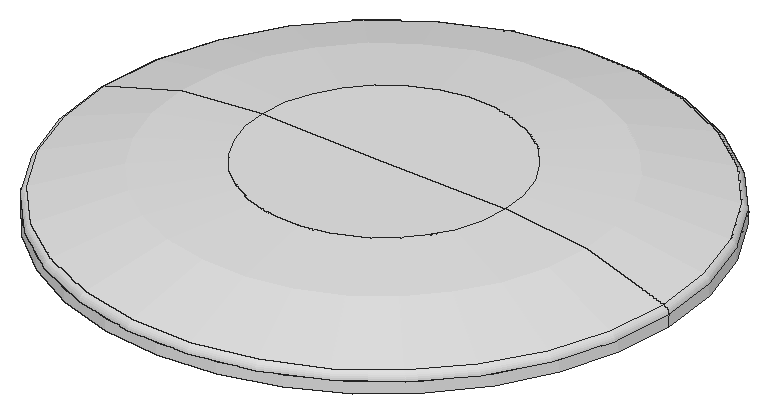
Revit family "Reece_Bath_Kado_Lussi_Freestanding Bath_Thin Edge_Cast Solid Surface", category Plumbing Fixtures, Revit 2018
Family settings
  Round Connector Dimension = Use Diameter
  Part Type = Normal
  Work Plane-Based = Yes
  Always vertical = Yes
  Cut with Voids When Loaded = Yes
  Shared = Yes
  Room Calculation Point = Yes
Parameters
  URL = "https://www.reece.com.au/product/-9509631"
  Type Comments = "Bath"
  Reece_Product_Web Page = "https://www.reece.com.au/product/-9509631"
  Reece_Product_Type = "Bath"  # constant formula
  Reece_Product_Sub Brand = "Lussi"  # constant formula
  Reece_Product_Number = "9509631"
  Reece_Product_Mount = "Floor Mounted"
  Reece_Product_Description = "Kado Lussi Cast Solid Surface Freestanding Thin Edge Bath with Plug & Waste 1500mm White"
  Reece_Product_Brand = "Kado"  # constant formula
  Reece_Overall_Width = 730 mm
  Reece_Overall_Length = 1500 mm
  Reece_Overall_Height = 595 mm  # constant formula
  Reece_Overall_Capacity = 285 L
  Reece_Material_Main = Reece_Cast_Solid_Surface_White
  Reece_Detail_Installation = "Freestanding Bath"  # constant formula
  Reece_Detail_Disclaimer = "THIS FILE IS THE PROPERTY OF THE REECE GROUP. IT MAY NOT BE REPRODUCED, REVERSE-ENGINEERED OR MODIFIED. ANY REPUBLICATION, TRANSMISSION OR DISTRIBUTION FOR THE PURPOSE OF COMMERCIALLY EXPLOITING THE FILES IS PROHIBITED."  # constant formula
  Reece_Detail_Connector = "Bottom Inlet"  # constant formula
  Reece_Detail_Additional = "Thin Edge"  # constant formula
  Reece_Bath_Type = Reece_Bath_Kado_Lussi_Freestanding Bath_Thin Edge_Cast Solid Surface_1500 mm_285 ltr_Nested : Thin Edge_1500 mm_285 ltr_White
  Reece_Bath_Outlet = 40 mm  # constant formula
  Model = "Lussi"
  Manufacturer = "Kado"
  Keynote = "Product #9509631, Reece_Bath_Kado_Lussi_Freestanding Bath_Thin Edge_Cast Solid Surface -  "
  Disclaimer = "THIS FILE IS THE PROPERTY OF THE REECE GROUP. IT MAY NOT BE REPRODUCED, REVERSE-ENGINEERED OR MODIFIED. ANY REPUBLICATION, TRANSMISSION OR DISTRIBUTION FOR THE PURPOSE OF COMMERCIALLY EXPLOITING THE FILES IS PROHIBITED."  # constant formula
  Description = "Kado Lussi Cast Solid Surface Freestanding Thin Edge Bath with Plug & Waste 1500mm White"
  Default Elevation = 0 mm
Types (3, lengths in mm): name | URL | Reece_Product_Web Page | Reece_Product_Number | Reece_Product_Description | Reece_Overall_Width | Reece_Overall_Length | Reece_Overall_Capacity | Reece_Bath_Type | Keynote | Description
  (no name) | "https://www.reece.com.au/product/-9509631" | "https://www.reece.com.au/product/-9509631" | "9509631" | "Kado Lussi Cast Solid Surface Freestanding Thin Edge Bath with Plug & Waste 1500mm White" | 730 | 1500 | 285 L | Reece_Bath_Kado_Lussi_Freestanding Bath_Thin Edge_Cast Solid Surface_1500 mm_285 ltr_Nested : Thin Edge_1500 mm_285 ltr_White | "Product #9509631, Reece_Bath_Kado_Lussi_Freestanding Bath_Thin Edge_Cast Solid Surface -  " | "Kado Lussi Cast Solid Surface Freestanding Thin Edge Bath with Plug & Waste 1500mm White"
  Thin Edge_1500 mm_285 ltr_White | "https://www.reece.com.au/product/-9509631" | "https://www.reece.com.au/product/-9509631" | "9509631" | "Kado Lussi Cast Solid Surface Freestanding Thin Edge Bath with Plug & Waste 1500mm White" | 730 | 1500 | 285 L | Reece_Bath_Kado_Lussi_Freestanding Bath_Thin Edge_Cast Solid Surface_1500 mm_285 ltr_Nested : Thin Edge_1500 mm_285 ltr_White | "Product #9509631, Reece_Bath_Kado_Lussi_Freestanding Bath_Thin Edge_Cast Solid Surface - Thin Edge_1500 mm_285 ltr_White" | "Kado Lussi Cast Solid Surface Freestanding Thin Edge Bath with Plug & Waste 1500mm White"
  Thin Edge_1700 mm_368 ltr_White | "https://www.reece.com.au/product/-9509632" | "https://www.reece.com.au/product/-9509632" | "9509632" | "Kado Lussi Cast Solid Surface Freestanding Thin Edge Bath with Plug & Waste 1700mm White" | 800 | 1700 | 368 L | Reece_Bath_Kado_Lussi_Freestanding Bath_Thin Edge_Cast Solid Surface_1700 mm_368 ltr_Nested : Thin Edge_1700 mm_368 ltr_White | "Product #9509632, Reece_Bath_Kado_Lussi_Freestanding Bath_Thin Edge_Cast Solid Surface - Thin Edge_1700 mm_368 ltr_White" | "Kado Lussi Cast Solid Surface Freestanding Thin Edge Bath with Plug & Waste 1700mm White"
Reference planes
  plane 1 "Center (Front/Back)": y = 0
  plane 2 "Bottom Host Plane": z = 0
  plane 3 "Center (Left/Right)": x = 0
  plane 4: x = -750
  plane 5: y = 365
  plane 6: y = -365
  plane 7: x = 750
  plane 8 "Top Host Plane": z = 595
Text (mm)
  text "Reece ©" at (3123.467, -1982.229, 2911.117), in view "Reece Preview"
  text "Reece Copyright © 2018, Reece Ltd." at (-805.174, -493.989, 0), in view "Ref. Level"
Dimensions and locks
  "Reece_Overall_Length": plane 4 to plane 7
  "Reece_Overall_Width": plane 5 to plane 6
  equal spacing: plane 6, plane 1 "Center (Front/Back)", plane 5
  equal spacing: plane 4, plane 3 "Center (Left/Right)", plane 7
  plane 7 to plane 4 = 1500 mm  (x2)
  "Reece_Overall_Height": plane 8 "Top Host Plane" to level
  plane 8 "Top Host Plane" to level = 595 mm
  plane 5 to plane 6 = 730 mm  (x2)
Nested families
  nested 1: "Reece_Bath_Kado_Lussi_Freestanding Bath_Thin Edge_Cast Solid Surface_1500 mm_285 ltr_Nested" at (0, 0, 0), type <- "Reece_Bath_Type", Reece_Material_Main <- "Reece_Material_Main", type "Thin Edge_1500 mm_285 ltr_White"
    with Reece_Material_Main Reece_Cast_Solid_Surface_White
Connectors
  piping at (0, 0, 90), diameter 40, driven by "Reece_Bath_Outlet"
    settings: on nested 1, index 1, connector inside diameter 609.6 mm, connector length 0 mm, flow factor 0, pipe flow 0.0 L/s, pressure drop 0.0 Pa, fitting loss kfactor 0, connector angle 0.00°, fixture units 0, engagement length 0 mm, angle of deflection 0.00°, flow configuration 0, flow direction 2, fitting loss method 0, system type 16, joint type 0, gender type 0, connector reference index -1, connector utility 0, adjustable connector no, is connector primary yes, connector description ""
Definition of nested family "Reece_Bath_Kado_Lussi_Freestanding Bath_Thin Edge_Cast Solid Surface_1500 mm_285 ltr_Nested"
  Parameters (values of type "Thin Edge_1500 mm_285 ltr_White")
    Waste Connection = no
    WFU = 0
    Vent Connection = no
    URL = ""
    Type Comments = ""
    Reece_Material_Main [instance] = none
    Model = ""
    Manufacturer = ""
    Keynote = ""
    HWFU = 0
    HW Connection = no
    Description = ""
    Default Elevation = 0 mm
    Cost = 0
    CWFU = 0
    CW Connection = no
    Assembly Code = ""
  Reference planes
    plane 1 "Center (Front/Back)": y = 0
    plane 2 "Bottom Host Plane": z = 0
    plane 3 "Center (Left/Right)": x = 0
    plane 4: x = -750
    plane 5: y = 365
    plane 6: y = -365
    plane 7: x = 750
    plane 8: z = 595
  Forms (mm)
    Revolve 1, solid, material <- "Reece_Material_Main"
      sketch origin (0, 0, 21.108) x (1, 0, 0) y (0, 0, 1)
        loop
          line (-25, 108.892) -> (-22.182, 106.074) -> (0, 106.074) -> (0, 107.074) -> (-21.768, 107.074) -> (-24.585, 109.892) -> (-27.315, 109.892) -> (-27.315, 108.892) -> (-25, 108.892)
        loop
          line (-35, 110.242) -> (0, 110.242) -> (0, 116.217) -> (-15, 116.217)
          arc (-15, 116.217) -> (-24.862, 115.279) -> (-34.37, 112.497) r 52.295
          arc (-34.37, 112.497) -> (-34.828, 112.13) -> (-35, 111.569) r 1
          line (-35, 111.569) -> (-35, 110.242)
        axis (0, 116.217) -> (0, 106.074)
      angle from 0 to 360
  Lines and regions (mm)
    symbolic lines
      curve 1: line (0, 255.016, 0) -> (0, -255.016, 0)
      curve 2: line (0, 365, 595) -> (0, 255.016, 0)
      curve 3: line (0, -255.016, 0) -> (0, -365, 595)
      curve 4: line (455.265, 0, 0) -> (-455.265, 0, 0)
      curve 5: arc (-455.265, 0, 0) -> (-667.843, 0, 265.198) -> (-750, 0, 595) r 793.696
      curve 6: arc (750, 0, 595) -> (667.844, 0, 265.198) -> (455.265, 0, 0) r 793.696
  Text (mm)
    text "Reece ©" at (3164.959, -2329.881, 2521.972), in view "Reece Preview"
    text "Reece Copyright © 2018, Reece Ltd." at (-709.36, -492.812, 0), in view "Ref. Level"
  Dimensions and locks
    equal spacing: plane 5, plane 1 "Center (Front/Back)", plane 6
    plane 5 to plane 6 = 730 mm
    equal spacing: plane 4, plane 3 "Center (Left/Right)", plane 7
    plane 4 to plane 7 = 1500 mm
    plane 6 to plane 8 = 730 mm
    free form element to plane 4 = 1500 mm
    plane 8 to level = 595 mm
  Automatic sketch dimensions
    Revolve 1 sketch curve to plane 3 "Center (Left/Right)" = 0 mm  (x3)
    Revolve 1 sketch curve to plane 3 "Center (Left/Right)" = 15 mm
    Revolve 1 sketch curve to Revolve 1 sketch curve = 6.768 mm
    Revolve 1 sketch curve to Revolve 1 sketch curve = 0.414 mm  (x2)
    Revolve 1 sketch curve to Revolve 1 sketch curve = 2.817 mm
    Revolve 1 sketch curve to Revolve 1 sketch curve = 2.315 mm
    Revolve 1 sketch curve to Revolve 1 sketch curve = 6.685 mm
    Revolve 1 sketch curve to Revolve 1 sketch curve = 1 mm  (x3)
    level to Revolve 1 sketch curve = 85.031 mm
    Revolve 1 sketch curve to Revolve 1 sketch curve = 42.152 mm
    Revolve 1 sketch curve to Revolve 1 sketch curve = 3.167 mm
    Revolve 1 sketch curve to Revolve 1 sketch curve = 1.327 mm
    Revolve 1 sketch curve to Revolve 1 sketch curve = 9.143 mm
    Revolve 1 sketch curve to Revolve 1 sketch curve = 16.078 mm
    Revolve 1 sketch curve to Revolve 1 sketch curve = 28.783 mm
    Revolve 1 sketch curve to Revolve 1 sketch curve = 1.817 mm
    curve 1 to plane 6 = 109.984 mm
    curve 1 to plane 5 = 109.984 mm
    curve 3 to plane 6 = 0 mm
    curve 2 to plane 5 = 0 mm
    curve 2 to level = 0 mm
    curve 2 to plane 8 = 0 mm
    curve 3 to plane 8 = 0 mm
    plane 4 to curve 6 = 706.623 mm
    curve 6 to curve 5 = 86.754 mm
    plane 4 to curve 4 = 1205.265 mm
    curve 4 to curve 6 = 411.888 mm
    curve 5 to curve 6 = 0 mm
    curve 5 to curve 5 = 294.735 mm
    curve 5 to plane 8 = 0 mm
    curve 5 to level = 0 mm
    curve 6 to plane 8 = 0 mm
